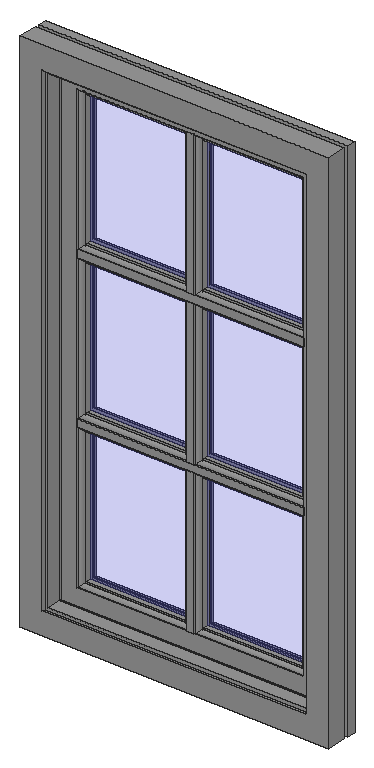
Revit family "MC1SP RH", category Windows, host Wall, Revit 2015
Parameters (values of type "MC1SP RH")
  Height = 929 mm
  Default Lintel Height = 2100 mm
  Wall Closure = By host
  Width = 542 mm
Reference planes
  plane 1 "Center (Front/Back)": y = 0
  plane 2 "Center (Left/Right)": x = 0
  plane 3 "Left": x = -271
  plane 4 "Right": x = 271
  plane 5 "Sill": z = 1171
  plane 6 "Head": z = 2100
  plane 7 "Exterior": y = 100
  plane 8 "Interior": y = -100
  plane 9: y = -28.5
  plane 10: y = 23.5
Forms (mm)
  Sweep 1, solid, material "Lauan, Meranti"
    path origin (0, 100, 0) x (-1, 0, 0) y (0, 0, -1)
      loop
        line (271, -2100) -> (271, -1171) -> (-271, -1171) -> (-271, -2100) -> (271, -2100)
    profile origin (0, 100, 2100) x (0, 0, 1) y (0, -1, 0)
      loop
        line (0, 71.5) -> (0, 86.5) -> (-10, 86.5) -> (-10, 94.5) -> (0, 94.5) -> (0, 128.5) -> (-39, 128.5) -> (-39, 122.5) -> (-44, 122.5) -> (-44, 96.5) -> (-40.5, 96.5) -> (-40.5, 102.5) -> (-37.5, 102.5) -> (-37.5, 96.5) -> (-29, 96.5) -> (-29, 71.5) -> (0, 71.5)
  Sweep 2, solid, material "Rubber"
    path origin (0, 100, 0) x (-1, 0, 0) y (0, 0, -1)
      loop
        line (233.5, -2062.5) -> (233.5, -1208.5) -> (-233.5, -1208.5) -> (-233.5, -2062.5) -> (233.5, -2062.5)
    profile origin (0, 100, 2062.5) x (0, 0, 1) y (0, -1, 0)
      loop
        line (-1.5, 91.5) -> (3.5, 93.5) -> (3.5, 96.5) -> (-0.5, 96.5) -> (-0.5, 98.93) -> (0.5, 98.93) -> (-0.5, 99.198) -> (-0.5, 100.964) -> (0.5, 100.964) -> (-1.5, 101.5) -> (-3.5, 100.964) -> (-2.5, 100.964) -> (-2.5, 99.198) -> (-3.5, 98.93) -> (-2.5, 98.93) -> (-2.5, 96.5) -> (-6.5, 96.5) -> (-6.5, 93.5) -> (-1.5, 91.5)
  Sweep 3, solid, material "Lauan, Meranti"
    path origin (0, 100, 0) x (-1, 0, 0) y (0, 0, -1)
      loop
        line (242, -2071) -> (242, -1200) -> (-242, -1200) -> (-242, -2071) -> (242, -2071)
    profile origin (0, 100, 2071) x (0, 0, 1) y (0, -1, 0)
      loop
        line (5, 57.5) -> (5, 71.5) -> (-12, 71.5) -> (-12, 78.5) -> (-14, 79.036) -> (-14, 83.964) -> (-12, 84.5) -> (-12, 89.5) -> (-10, 89.5) -> (-10, 93.5) -> (-43, 93.5) -> (-43, 90.5)
        arc (-43, 90.5) -> (-47.243, 88.743) -> (-49, 84.5) r 6
        line (-49, 84.5) -> (-52, 84.5) -> (-52, 76.5) -> (-43, 76.5) -> (-43, 51.5) -> (-1, 51.5)
        arc (-1, 51.5) -> (3.242, 53.257) -> (5, 57.5) r 6
  Extrusion 4, solid, material "Lauan, Meranti"
    sketch origin (0, 25, 184.161) x (-1, 0, 0) y (0, -1, 0)
      loop
        line (-6.5, -23.5) -> (6.5, -23.5) -> (6.5, 1.5) -> (15.5, 1.5) -> (15.5, 9.5) -> (12.5, 9.5)
        arc (12.5, 9.5) -> (10.743, 13.743) -> (6.5, 15.5) r 6
        line (6.5, 15.5) -> (6.5, 18.5) -> (-6.5, 18.5) -> (-6.5, 15.5)
        arc (-6.5, 15.5) -> (-10.743, 13.743) -> (-12.5, 9.5) r 6
        line (-12.5, 9.5) -> (-15.5, 9.5) -> (-15.5, 1.5) -> (-6.5, 1.5) -> (-6.5, -23.5)
    from 1590.838 to 1843.838
  Extrusion 5, solid, material "Lauan, Meranti"
    sketch origin (271, 0, -15.839) x (0, -1, 0) y (0, 0, -1)
      loop
        line (-48.5, -1777.838) -> (-48.5, -1790.838) -> (-23.5, -1790.838) -> (-23.5, -1799.838) -> (-15.5, -1799.838) -> (-15.5, -1796.838)
        arc (-15.5, -1796.838) -> (-11.257, -1795.081) -> (-9.5, -1790.838) r 6
        line (-9.5, -1790.838) -> (-6.5, -1790.838) -> (-6.5, -1777.838) -> (-9.5, -1777.838)
        arc (-9.5, -1777.838) -> (-11.257, -1773.596) -> (-15.5, -1771.838) r 6
        line (-15.5, -1771.838) -> (-15.5, -1768.838) -> (-23.5, -1768.838) -> (-23.5, -1777.838) -> (-48.5, -1777.838)
      loop
        line (-48.5, -1511.838) -> (-48.5, -1524.838) -> (-23.5, -1524.838) -> (-23.5, -1533.838) -> (-15.5, -1533.838) -> (-15.5, -1530.838)
        arc (-15.5, -1530.838) -> (-11.257, -1529.081) -> (-9.5, -1524.838) r 6
        line (-9.5, -1524.838) -> (-6.5, -1524.838) -> (-6.5, -1511.838) -> (-9.5, -1511.838)
        arc (-9.5, -1511.838) -> (-11.257, -1507.596) -> (-15.5, -1505.838) r 6
        line (-15.5, -1505.838) -> (-15.5, -1502.838) -> (-23.5, -1502.838) -> (-23.5, -1511.838) -> (-48.5, -1511.838)
    from -470 to -72
  Extrusion 6, solid, material "Lauan, Meranti"
    sketch origin (0, 25, -81.839) x (-1, 0, 0) y (0, -1, 0)
      loop
        line (-6.5, -23.5) -> (6.5, -23.5) -> (6.5, 1.5) -> (15.5, 1.5) -> (15.5, 9.5) -> (12.5, 9.5)
        arc (12.5, 9.5) -> (10.743, 13.743) -> (6.5, 15.5) r 6
        line (6.5, 15.5) -> (6.5, 18.5) -> (-6.5, 18.5) -> (-6.5, 15.5)
        arc (-6.5, 15.5) -> (-10.743, 13.743) -> (-12.5, 9.5) r 6
        line (-12.5, 9.5) -> (-15.5, 9.5) -> (-15.5, 1.5) -> (-6.5, 1.5) -> (-6.5, -23.5)
    from 1590.838 to 1843.838
  Extrusion 7, solid, material "Lauan, Meranti"
    sketch origin (0, 25, -347.839) x (-1, 0, 0) y (0, -1, 0)
      loop
        line (-6.5, -23.5) -> (6.5, -23.5) -> (6.5, 1.5) -> (15.5, 1.5) -> (15.5, 9.5) -> (12.5, 9.5)
        arc (12.5, 9.5) -> (10.743, 13.743) -> (6.5, 15.5) r 6
        line (6.5, 15.5) -> (6.5, 18.5) -> (-6.5, 18.5) -> (-6.5, 15.5)
        arc (-6.5, 15.5) -> (-10.743, 13.743) -> (-12.5, 9.5) r 6
        line (-12.5, 9.5) -> (-15.5, 9.5) -> (-15.5, 1.5) -> (-6.5, 1.5) -> (-6.5, -23.5)
    from 1590.838 to 1843.838
  Extrusion 8, solid, material "Glass"
    sketch origin (10500, 23.5, 2100) x (0, 0, -1) y (-1, 0, 0)
      loop
        line (72.013, 10698.988) -> (72.013, 10506.5) -> (325, 10506.5) -> (325, 10698.988) -> (72.013, 10698.988)
      loop
        line (72, 10493.5) -> (72, 10301) -> (325, 10301) -> (325, 10493.5) -> (72, 10493.5)
      loop
        line (338, 10699) -> (338, 10506.5) -> (591, 10506.5) -> (591, 10699) -> (338, 10699)
      loop
        line (338, 10493.5) -> (338, 10301) -> (591, 10301) -> (591, 10493.5) -> (338, 10493.5)
      loop
        line (604, 10699) -> (604, 10506.5) -> (857, 10506.5) -> (857, 10699) -> (604, 10699)
      loop
        line (604, 10493.5) -> (604, 10301.012) -> (856.987, 10301.012) -> (856.987, 10493.5) -> (604, 10493.5)
    from 0 to 6.4
  Sweep 9, solid, material "Lauan, Meranti"
    path origin (0, 100, 0) x (-1, 0, 0) y (0, 0, -1)
      loop
        line (199, -2028) -> (199, -1775) -> (6.5, -1775) -> (6.5, -2028) -> (199, -2028)
    profile origin (-102.75, 100, 2028) x (0, 0, 1) y (0, -1, 0)
      loop
        line (0, 62.1) -> (0, 70.1) -> (-9, 70.1) -> (-9, 68.1) -> (-7, 68.1)
        arc (-7, 68.1) -> (-4.67, 63.734) -> (0, 62.1) r 6.807
  Sweep 10, solid, material "Lauan, Meranti"
    path origin (205.5, 100, 0) x (-1, 0, 0) y (0, 0, -1)
      loop
        line (199, -2028) -> (199, -1775) -> (6.5, -1775) -> (6.5, -2028) -> (199, -2028)
    profile origin (102.75, 100, 2028) x (0, 0, 1) y (0, -1, 0)
      loop
        line (0, 62.1) -> (0, 70.1) -> (-9, 70.1) -> (-9, 68.1) -> (-7, 68.1)
        arc (-7, 68.1) -> (-4.67, 63.734) -> (0, 62.1) r 6.807
  Sweep 11, solid, material "Lauan, Meranti"
    path origin (205.5, 100, -266) x (-1, 0, 0) y (0, 0, -1)
      loop
        line (199, -2028) -> (199, -1775) -> (6.5, -1775) -> (6.5, -2028) -> (199, -2028)
    profile origin (102.75, 100, 1762) x (0, 0, 1) y (0, -1, 0)
      loop
        line (0, 62.1) -> (0, 70.1) -> (-9, 70.1) -> (-9, 68.1) -> (-7, 68.1)
        arc (-7, 68.1) -> (-4.67, 63.734) -> (0, 62.1) r 6.807
  Sweep 12, solid, material "Lauan, Meranti"
    path origin (205.5, 100, -532) x (-1, 0, 0) y (0, 0, -1)
      loop
        line (199, -2028) -> (199, -1775) -> (6.5, -1775) -> (6.5, -2028) -> (199, -2028)
    profile origin (102.75, 100, 1496) x (0, 0, 1) y (0, -1, 0)
      loop
        line (0, 62.1) -> (0, 70.1) -> (-9, 70.1) -> (-9, 68.1) -> (-7, 68.1)
        arc (-7, 68.1) -> (-4.67, 63.734) -> (0, 62.1) r 6.807
  Sweep 13, solid, material "Lauan, Meranti"
    path origin (0, 100, -266) x (-1, 0, 0) y (0, 0, -1)
      loop
        line (199, -2028) -> (199, -1775) -> (6.5, -1775) -> (6.5, -2028) -> (199, -2028)
    profile origin (-102.75, 100, 1762) x (0, 0, 1) y (0, -1, 0)
      loop
        line (0, 62.1) -> (0, 70.1) -> (-9, 70.1) -> (-9, 68.1) -> (-7, 68.1)
        arc (-7, 68.1) -> (-4.67, 63.734) -> (0, 62.1) r 6.807
  Sweep 14, solid, material "Lauan, Meranti"
    path origin (0, 100, -532) x (-1, 0, 0) y (0, 0, -1)
      loop
        line (199, -2028) -> (199, -1775) -> (6.5, -1775) -> (6.5, -2028) -> (199, -2028)
    profile origin (-102.75, 100, 1496) x (0, 0, 1) y (0, -1, 0)
      loop
        line (0, 62.1) -> (0, 70.1) -> (-9, 70.1) -> (-9, 68.1) -> (-7, 68.1)
        arc (-7, 68.1) -> (-4.67, 63.734) -> (0, 62.1) r 6.807
Lines and regions (mm)
  Opening 1
    outline origin (-5000, 100, 0) x (-1, 0, 0) y (0, 0, 1)
      loop
        line (-4729, 1171) -> (-4729, 2100) -> (-5271, 2100) -> (-5271, 1171) -> (-4729, 1171)
  model lines
    curve 1: line (-247, 48.5, 2076) -> (247, 48.5, 1635.5)
    curve 2: line (247, 48.5, 1635.5) -> (-247, 48.5, 1195)
Text (mm)
  text "EXTERIOR" at (-1963.203, 1332.353, 0), in view "Ref. Level"
  text "INTERIOR" at (-1981.466, -818.386, 0), in view "Ref. Level"
  text "Exterior" at (0, 923.751, 2943.296), in view "Right"
  text "Exterior" at (0, 1040.484, 2685.409), in view "Left"
Dimensions and locks
  equal spacing: plane 3 "Left", plane 2 "Center (Left/Right)", plane 4 "Right"
  "Width": plane 3 "Left" to plane 4 "Right"
  "Height": plane 5 "Sill" to plane 6 "Head"
  "Default Lintel Height": plane 6 "Head" to level
  locked: plane 7 "Exterior" to host wall at 0
  locked: plane 8 "Interior" to host wall
  locked: plane 10 to plane 9 at 52
  aligned and locked: Sweep 2 sketch curve to Sweep 1  (x4)
  aligned and locked: Sweep 3 sketch curve to Sweep 1  (x4)
  aligned and locked: Sweep 3 sketch curve to Sweep 2
  aligned and locked: Extrusion 5 to Extrusion 4
  aligned and locked: Sweep 3 to Extrusion 4
  aligned and locked: Extrusion 8 sketch curve to Sweep 3  (x4)
  aligned and locked: Extrusion 8 sketch curve to Extrusion 4  (x4)
  aligned and locked: Extrusion 5 to Extrusion 8 sketch curve  (x6)
  aligned and locked: Extrusion 8 sketch curve to Extrusion 5  (x2)
  aligned and locked: Extrusion 8 sketch curve to Extrusion 6  (x4)
  aligned and locked: Extrusion 8 sketch curve to Extrusion 7  (x4)
  aligned and locked: Sweep 9 sketch curve to Sweep 3  (x2)
  aligned and locked: Sweep 9 sketch curve to Extrusion 8
  aligned and locked: Sweep 9 sketch curve to Extrusion 4
  aligned and locked: Sweep 10 sketch curve to Extrusion 8
  aligned and locked: Sweep 10 sketch curve to Extrusion 4
  aligned and locked: Sweep 10 sketch curve to Extrusion 5
  aligned and locked: Extrusion 8 to Sweep 10 sketch curve
  aligned and locked: Sweep 13 sketch curve to Extrusion 5
  aligned and locked: Extrusion 8 to Sweep 13 sketch curve
  aligned and locked: Sweep 13 sketch curve to Extrusion 8
  aligned and locked: Sweep 13 sketch curve to Extrusion 6
  aligned and locked: Sweep 11 sketch curve to Extrusion 8
  aligned and locked: Sweep 11 sketch curve to Extrusion 6
  aligned and locked: Sweep 11 sketch curve to Extrusion 5
  aligned and locked: Extrusion 8 to Sweep 11 sketch curve
  aligned and locked: Sweep 14 sketch curve to Extrusion 5
  aligned and locked: Extrusion 8 to Sweep 14 sketch curve
  aligned and locked: Sweep 14 sketch curve to Extrusion 7  (x2)
  aligned and locked: Sweep 12 sketch curve to Extrusion 8
  aligned and locked: Sweep 12 sketch curve to Extrusion 7
  aligned and locked: Sweep 12 sketch curve to Sweep 3  (x2)
Automatic sketch dimensions
  plane 4 "Right" to curve 2 = 24 mm
  curve 2 to plane 5 "Sill" = 464.5 mm
  curve 1 to plane 3 "Left" = 24 mm
  curve 2 to plane 3 "Left" = 24 mm
  curve 2 to plane 5 "Sill" = 24 mm
  plane 6 "Head" to curve 1 = 24 mm
  plane 4 "Right" to Opening 1 sketch curve = 0 mm
  plane 3 "Left" to Opening 1 sketch curve = 0 mm
  Opening 1 sketch curve to plane 5 "Sill" = 0 mm
  Opening 1 sketch curve to plane 6 "Head" = 0 mm
  plane 4 "Right" to Sweep 1 sketch curve = 0 mm
  plane 3 "Left" to Sweep 1 sketch curve = 0 mm
  Sweep 1 sketch curve to plane 6 "Head" = 0 mm
  Sweep 1 sketch curve to plane 5 "Sill" = 0 mm
  profile plane to Sweep 1 sketch curve = 0 mm  (x2)
  profile plane to Sweep 1 sketch curve = 10 mm
  Sweep 1 sketch curve to Sweep 1 sketch curve = 19 mm
  Sweep 1 sketch curve to Sweep 1 sketch curve = 8.5 mm
  Sweep 1 sketch curve to Sweep 1 sketch curve = 1.5 mm
  Sweep 1 sketch curve to Sweep 1 sketch curve = 3 mm
  Sweep 1 sketch curve to Sweep 1 sketch curve = 5 mm
  profile plane to Sweep 1 sketch curve = 71.5 mm
  Sweep 1 sketch curve to Sweep 1 sketch curve = 15 mm
  Sweep 1 sketch curve to Sweep 1 sketch curve = 8 mm
  Sweep 1 sketch curve to Sweep 1 sketch curve = 25 mm
  Sweep 1 sketch curve to Sweep 1 sketch curve = 0 mm
  Sweep 1 sketch curve to Sweep 1 sketch curve = 6 mm
  Sweep 1 sketch curve to Sweep 1 sketch curve = 20 mm
  Sweep 1 sketch curve to Sweep 1 sketch curve = 34 mm
  profile plane to Sweep 2 sketch curve = 6.5 mm
  profile plane to Sweep 2 sketch curve = 3.5 mm
  Sweep 2 sketch curve to Sweep 2 sketch curve = 0 mm  (x3)
  profile plane to Sweep 2 sketch curve = 2.5 mm
  Sweep 2 sketch curve to Sweep 2 sketch curve = 1 mm  (x2)
  profile plane to Sweep 2 sketch curve = 1.5 mm
  profile plane to Sweep 2 sketch curve = 0.5 mm
  Sweep 2 sketch curve to profile plane = 0.5 mm  (x2)
  Sweep 2 sketch curve to profile plane = 3.5 mm
  profile plane to Sweep 2 sketch curve = 91.5 mm
  Sweep 2 sketch curve to Sweep 2 sketch curve = 2 mm  (x2)
  Sweep 2 sketch curve to Sweep 2 sketch curve = 3 mm  (x2)
  Sweep 2 sketch curve to Sweep 2 sketch curve = 2.43 mm
  Sweep 2 sketch curve to Sweep 2 sketch curve = 0.268 mm  (x2)
  Sweep 2 sketch curve to Sweep 2 sketch curve = 1.766 mm  (x2)
  Sweep 2 sketch curve to Sweep 2 sketch curve = 0.536 mm
  profile plane to Sweep 3 sketch curve = 52 mm
  Sweep 3 sketch curve to Sweep 3 sketch curve = 3 mm  (x2)
  Sweep 3 sketch curve to Sweep 3 sketch curve = 9 mm
  Sweep 3 sketch curve to Sweep 3 sketch curve = 6 mm
  profile plane to Sweep 3 sketch curve = 14 mm
  Sweep 3 sketch curve to Sweep 3 sketch curve = 2 mm  (x3)
  profile plane to Sweep 3 sketch curve = 1 mm
  Sweep 3 sketch curve to profile plane = 5 mm
  Sweep 3 sketch curve to Sweep 3 sketch curve = 4 mm
  Sweep 3 sketch curve to Sweep 3 sketch curve = 5 mm
  Sweep 3 sketch curve to Sweep 3 sketch curve = 0.536 mm  (x2)
  Sweep 3 sketch curve to Sweep 3 sketch curve = 4.928 mm
  Sweep 3 sketch curve to Sweep 3 sketch curve = 8 mm
  Sweep 3 sketch curve to Sweep 3 sketch curve = 7 mm
  Sweep 3 sketch curve to Sweep 3 sketch curve = 14 mm
  Extrusion 4 sketch curve to plane 10 = 0 mm  (x2)
  Extrusion 4 sketch curve to plane 2 "Center (Left/Right)" = 15.5 mm
  Extrusion 4 sketch curve to Extrusion 4 sketch curve = 3 mm  (x3)
  Extrusion 4 sketch curve to plane 2 "Center (Left/Right)" = 6.5 mm  (x2)
  plane 2 "Center (Left/Right)" to Extrusion 4 sketch curve = 6.5 mm  (x2)
  Extrusion 4 sketch curve to Extrusion 4 sketch curve = 6 mm
  plane 10 to Extrusion 4 sketch curve = 25 mm
  Extrusion 4 sketch curve to Extrusion 4 sketch curve = 8 mm  (x2)
  Extrusion 5 sketch curve to plane 10 = 0 mm  (x4)
  Extrusion 5 sketch curve to Extrusion 5 sketch curve = 25 mm  (x2)
  Extrusion 5 sketch curve to plane 10 = 8 mm  (x4)
  Extrusion 5 sketch curve to Extrusion 5 sketch curve = 6 mm  (x4)
  Extrusion 5 sketch curve to Extrusion 5 sketch curve = 3 mm  (x6)
  plane 6 "Head" to Extrusion 5 sketch curve = 316 mm
  Extrusion 5 sketch curve to Extrusion 5 sketch curve = 9 mm  (x2)
  Extrusion 5 sketch curve to Extrusion 5 sketch curve = 13 mm  (x3)
  Extrusion 5 sketch curve to Extrusion 5 sketch curve = 235 mm
  Extrusion 5 sketch curve to Extrusion 5 sketch curve = 0 mm
  Extrusion 6 sketch curve to plane 10 = 0 mm  (x2)
  Extrusion 6 sketch curve to plane 2 "Center (Left/Right)" = 15.5 mm
  Extrusion 6 sketch curve to Extrusion 6 sketch curve = 3 mm  (x3)
  Extrusion 6 sketch curve to plane 2 "Center (Left/Right)" = 6.5 mm  (x2)
  plane 2 "Center (Left/Right)" to Extrusion 6 sketch curve = 6.5 mm  (x2)
  Extrusion 6 sketch curve to Extrusion 6 sketch curve = 6 mm
  plane 10 to Extrusion 6 sketch curve = 25 mm
  Extrusion 6 sketch curve to Extrusion 6 sketch curve = 8 mm  (x2)
  Extrusion 7 sketch curve to plane 10 = 0 mm  (x2)
  Extrusion 7 sketch curve to plane 2 "Center (Left/Right)" = 15.5 mm
  Extrusion 7 sketch curve to Extrusion 7 sketch curve = 3 mm  (x3)
  Extrusion 7 sketch curve to plane 2 "Center (Left/Right)" = 6.5 mm  (x2)
  plane 2 "Center (Left/Right)" to Extrusion 7 sketch curve = 6.5 mm  (x2)
  Extrusion 7 sketch curve to Extrusion 7 sketch curve = 6 mm
  plane 10 to Extrusion 7 sketch curve = 25 mm
  Extrusion 7 sketch curve to Extrusion 7 sketch curve = 8 mm  (x2)
  profile plane to Sweep 9 sketch curve = 0 mm
  profile plane to Sweep 9 sketch curve = 0.241 mm
  Sweep 9 sketch curve to Sweep 9 sketch curve = 6.759 mm
  Sweep 9 sketch curve to Sweep 9 sketch curve = 2 mm  (x2)
  profile plane to Sweep 9 sketch curve = 62.1 mm
  Sweep 9 sketch curve to Sweep 9 sketch curve = 6 mm
  profile plane to Sweep 10 sketch curve = 0 mm
  profile plane to Sweep 10 sketch curve = 0.241 mm
  Sweep 10 sketch curve to Sweep 10 sketch curve = 6.759 mm
  Sweep 10 sketch curve to Sweep 10 sketch curve = 2 mm  (x2)
  profile plane to Sweep 10 sketch curve = 62.1 mm
  Sweep 10 sketch curve to Sweep 10 sketch curve = 6 mm
  profile plane to Sweep 11 sketch curve = 0 mm
  profile plane to Sweep 11 sketch curve = 0.241 mm
  Sweep 11 sketch curve to Sweep 11 sketch curve = 6.759 mm
  Sweep 11 sketch curve to Sweep 11 sketch curve = 2 mm  (x2)
  profile plane to Sweep 11 sketch curve = 62.1 mm
  Sweep 11 sketch curve to Sweep 11 sketch curve = 6 mm
  profile plane to Sweep 12 sketch curve = 0 mm
  profile plane to Sweep 12 sketch curve = 0.241 mm
  Sweep 12 sketch curve to Sweep 12 sketch curve = 6.759 mm
  Sweep 12 sketch curve to Sweep 12 sketch curve = 2 mm  (x2)
  profile plane to Sweep 12 sketch curve = 62.1 mm
  Sweep 12 sketch curve to Sweep 12 sketch curve = 6 mm
  profile plane to Sweep 13 sketch curve = 0 mm
  profile plane to Sweep 13 sketch curve = 0.241 mm
  Sweep 13 sketch curve to Sweep 13 sketch curve = 6.759 mm
  Sweep 13 sketch curve to Sweep 13 sketch curve = 2 mm  (x2)
  profile plane to Sweep 13 sketch curve = 62.1 mm
  Sweep 13 sketch curve to Sweep 13 sketch curve = 6 mm
  profile plane to Sweep 14 sketch curve = 0 mm
  profile plane to Sweep 14 sketch curve = 0.241 mm
  Sweep 14 sketch curve to Sweep 14 sketch curve = 6.759 mm
  Sweep 14 sketch curve to Sweep 14 sketch curve = 2 mm  (x2)
  profile plane to Sweep 14 sketch curve = 62.1 mm
  Sweep 14 sketch curve to Sweep 14 sketch curve = 6 mm
